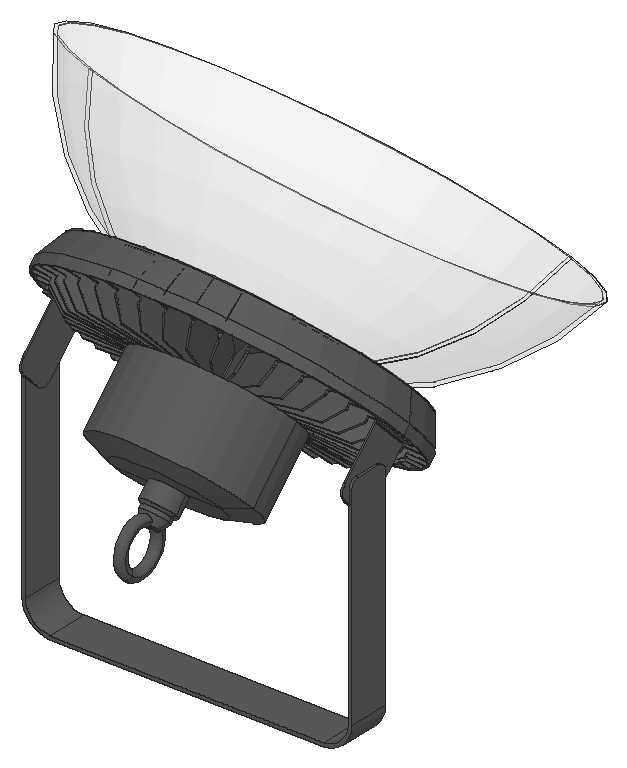
Revit family "0039366+0039354+0039358 Sylvania Lighting Fixture START HighBay IP65 DALI 19000lm 840 WB with BRACKET and PC LAMPSHADE TRANSPARENT 13 19KLM", category Lighting Fixtures, host Face, Revit 2016
Family settings
  Host = Face
  Part Type = Normal
  Round Connector Dimension = Use Diameter
  OmniClass Number = 23.80.70.00
  OmniClass Title = Lighting
  Cut with Voids When Loaded = No
  Light Source = No
  Shared = No
  Room Calculation Point = No
Parameters (values of type "0039366+0039354+0039358  START HighBay IP65 DALI 19000lm 840 WB with BRACKET and PC LAMPSHADE TRANSPARENT 13/19KLM")
  Weight = "3.4 kg"
  Wattage Comments = ""
  WarrantyStartDate [instance] = "n/a"
  WarrantyGuarantorParts = "n/a"
  WarrantyDurationUnit = "n/a"
  WarrantyDurationParts = "n/a"
  WarrantyDescription = "n/a"
  Voltage = 0 V
  URL = "http://www.sylvania-lighting.com"
  TypeName = "START HighBay IP65 DALI 19000lm 840 WB with BRACKET and PC LAMPSHADE TRANSPARENT 13/19KLM"
  TypeHead_FEILO = Start LED Highbay DALI Head : 0039366+0039354+0039358 START HighBay IP65 DALI 19000lm 840 WB with BRACKET and PC LAMPSHADE TRANSPARENT 13/19KLM
  Type Image = <None>
  Type Comments = "n/a"
  TiltAngle_FEILO [instance] = 45.00°
  ThicknessBracketPlate_FEILO = 3 mm
  SizeBracketS_FEILO = no
  SizeBracketM_FEILO = yes
  SerialNumber [instance] = "n/a"
  RadiusBracketTop_FEILO = 7 mm
  RadiusBendOut_FEILO = if(SizeBracketS_FEILO, 18 mm, if(SizeBracketM_FEILO, 24 mm, 28 mm))  # 24 mm
  RadiusBendIn_FEILO = RadiusBendOut_FEILO - ThicknessBracketPlate_FEILO  # 21 mm
  Material_3_FEILO = none
  PowerFactor = 0.95
  PowerConsumption = "150 W"
  NominalLength = 296 mm
  NominalHeight = 172 mm
  NominalDepth = 296 mm
  Name = "START HighBay IP65 DALI 19000lm 840 WB with BRACKET and PC LAMPSHADE TRANSPARENT 13/19KLM"
  ModelReference = Name  # "START HighBay IP65 DALI 19000lm 840 WB with BRACKET and PC LAMPSHADE TRANSPARENT 13/19KLM"
  ModelNumber = "0039366+0039354+0039358"
  Model = Name  # "START HighBay IP65 DALI 19000lm 840 WB with BRACKET and PC LAMPSHADE TRANSPARENT 13/19KLM"
  Material = "aluminium alloy housing, polycarbonate diffuser"
  ManufacturerName = "Feilo Sylvania"
  Manufacturer = "Feilo Sylvania"
  LuminousEfficacy = "130 lm/W"
  LuminaireType = ""
  LightOutputRatio = "n/a"
  LampsType = Lamp  # "LED"
  LampNominalLuminous = "19500 lm"
  LampMacAdamStep = "6"
  LampColourTemperature = "6500 K"
  LampColourRenderingIndex = "80"
  Lamp = "LED"
  Keynote = "16500"
  InstallationDate [instance] = "n/a"
  InputVoltage = "n/a"
  InputNominalFrequency = "50/60 Hz"
  IngressProtection = "IP65"
  ImpactProtectionIndex = "IK08"
  IfcExportType = "IfcLightFixtureType"
  IfcExportAs = "IfcLightFixtureType"
  ExpectedLife = 50000
  EndAngle_FEILO [instance] = TiltAngle_FEILO + 180.00°  # 225.00°
  ElectricShockClassification = "Class I"
  DurationUnit = "hours"
  DocumentationLiterature = "http://www.sylvania-lighting.com/product/en-int/products/0039366"
  DimmingControlOptions = "Dimmable"
  Material_2_FEILO = none
  Description = "START Highbay, includes 1 m cables, black aluminium housing, 19,500 Lm, 150 W, 130 Lm/W, 6500 K, drive current: 3300 mA, CRI 80, 90° beam angle, DALI dimmable, IP65, IK08, 50,000 hrs (L80/B50), (D x H) 296 x 172 mm."
  Default Elevation = 1219.2 mm
  CreatedOn = "5/15/2018"
  CreatedBy = "aron.fodor@sylvania-lighting.com"
  Cost = 0
  built-in parameter 1114216 [instance] = (empty or 0)
  ClassificationValue = "EF_70_80"
  ClassificationName = "Uniclass2015"
  Material_1_FEILO = Body-Sylvania-StartHighbay-Black
  BracketHeight_FEILO = if(SizeBracketS_FEILO, 199.5 mm, if(SizeBracketM_FEILO, 209.6 mm, 201.3 mm))  # 209.6 mm
  BracketDistanceInner_FEILO = if(SizeBracketS_FEILO, 249.4 mm, if(SizeBracketM_FEILO, 273.6 mm, 313.2 mm))  # 273.6 mm
  BarCode [instance] = "n/a"
  AssetType = "Fixed"
  AssetIdentifier [instance] = "n/a"
  Assembly Code = "D5020200"
  Apparent Load = 150 VA
  Material_4_FEILO = none
Reference planes
  plane 1 "Center (Front/Back)": y = 0
  plane 2: z = 0
  plane 3 "Center (Left/Right)": x = 0
  plane 4: x = -139.8
  plane 5: x = 139.8
  plane 6: z = 209.6
  plane 7: x = -136.8
  plane 8: z = 3
  plane 9: x = 136.8
  plane 10: y = 17.5
  plane 11: y = -17.5
  plane 12: y = -19.5
  plane 13: z = 211.6
  plane 14: y = 19.5
  plane 15: z = 200.6
Forms (mm)
  Extrusion 1, solid, material "Body-Sylvania-StartHighbay-Black" <- "Material_1_FEILO"
    sketch origin (0, 0, 0) x (1, 0, 0) y (0, 0, 1)
      loop
        line (-139.8, 209.6) -> (-139.8, 24)
        arc (-139.8, 24) -> (-132.771, 7.029) -> (-115.8, 0) r 24
        line (-115.8, 0) -> (115.8, 0)
        arc (115.8, 0) -> (132.771, 7.029) -> (139.8, 24) r 24
        line (139.8, 24) -> (139.8, 209.6) -> (136.8, 209.6) -> (136.8, 24)
        arc (136.8, 24) -> (130.649, 9.151) -> (115.8, 3) r 21
        line (115.8, 3) -> (-115.8, 3)
        arc (-115.8, 3) -> (-130.649, 9.151) -> (-136.8, 24) r 21
        line (-136.8, 24) -> (-136.8, 209.6) -> (-139.8, 209.6)
    from -17.5 to 17.5
  Extrusion 2, void
    sketch origin (0, 0, 0) x (0, 1, 0) y (0, 0, 1)
      loop
        arc (10.5, 209.6) -> (15.45, 207.55) -> (17.5, 202.6) r 7
        line (17.5, 202.6) -> (19.5, 202.6) -> (19.5, 211.6) -> (-19.5, 211.6) -> (-19.5, 202.6) -> (-17.5, 202.6)
        arc (-17.5, 202.6) -> (-15.45, 207.55) -> (-10.5, 209.6) r 7
        line (-10.5, 209.6) -> (10.5, 209.6)
    from -139.8 to 139.8
  Revolve 3, solid, not visible
    sketch origin (1223.4, -4572, 200.6) x (0, -1, 0) y (1, 0, 0)
      loop
        line (-4572, -1223.4) -> (-4591.5, -1223.4) -> (-4591.5, -1277.783) -> (-4572, -1277.783) -> (-4572, -1223.4)
      axis (-4572, -1223.4) -> (-4572, -1277.783)
    angle from 45 <- "TiltAngle_FEILO" to 225 <- "EndAngle_FEILO"
Cuts and joins
  Extrusion 2 cuts Extrusion 1
Dimensions and locks
  "BracketHeight_FEILO": plane 6 to plane 2
  equal spacing: plane 11, plane 1 "Center (Front/Back)", plane 10
  locked: plane 11 to plane 10 at 35
  equal spacing: plane 9, plane 3 "Center (Left/Right)", plane 7
  "BracketDistanceInner_FEILO": plane 9 to plane 7
  "ThicknessBracketPlate_FEILO": plane 7 to plane 4
  "ThicknessBracketPlate_FEILO": plane 8 to plane 2
  equal spacing: plane 5, plane 3 "Center (Left/Right)", plane 4
  equal spacing: plane 12, plane 1 "Center (Front/Back)", plane 14
  locked: plane 6 to plane 13 at 2
  locked: plane 12 to plane 11 at 2
  locked: plane 6 to plane 15 at 9
  "RadiusBendOut_FEILO": radius of Extrusion 1 sketch curve  (x2)
  "RadiusBendIn_FEILO": radius of Extrusion 1 sketch curve  (x2)
  "RadiusBracketTop_FEILO": radius of Extrusion 2 sketch curve  (x2)
  aligned and locked: plane 2 to host face
  aligned and locked: level to host face
  aligned and locked: Extrusion 1 sketch curve to plane 4
  aligned and locked: Extrusion 1 sketch curve to level
  aligned and locked: plane 6 to Extrusion 1 sketch curve
  aligned and locked: Extrusion 1 sketch curve to plane 6
  aligned and locked: Extrusion 1 sketch curve to plane 7
  aligned and locked: plane 9 to Extrusion 1 sketch curve
  aligned and locked: plane 8 to Extrusion 1 sketch curve
  aligned and locked: Extrusion 1 to plane 10
  aligned and locked: plane 11 to Extrusion 1
  aligned and locked: Extrusion 1 to Extrusion 2 sketch curve
  aligned and locked: plane 14 to Extrusion 2 sketch curve  (x2)
  aligned and locked: Extrusion 2 sketch curve to plane 12
  aligned and locked: plane 13 to Extrusion 2 sketch curve
  aligned and locked: plane 5 to Extrusion 2
  aligned and locked: Extrusion 2 to plane 4
  aligned and locked: Revolve 3 sketch curve to plane 1 "Center (Front/Back)"
  aligned and locked: Revolve 3 sketch curve to Revolve 3 sketch curve
  aligned and locked: plane 3 "Center (Left/Right)" to Revolve 3 sketch curve
  aligned and locked: Revolve 3 sketch curve to plane 14
  aligned and locked: nested 1 to plane 3 "Center (Left/Right)"
Automatic sketch dimensions
  host sketch curve to host sketch curve = 2438.4 mm  (x2)
  Revolve 3 sketch curve to Revolve 3 sketch curve = 54.383 mm
  Revolve 3 sketch curve to plane 4 = 1396.3 mm
  plane 5 to Revolve 3 sketch curve = 1396.3 mm
  Extrusion 1 sketch curve to Extrusion 1 sketch curve = 0 mm
  Extrusion 2 sketch curve to plane 11 = 0 mm
  Extrusion 2 sketch curve to plane 10 = 0 mm
Nested families
  nested 1: "Start LED Highbay DALI Head" at (0, 0, 200.6) x (-1, 0, 0) z (0, 0.7071, 0.7071), type <- "TypeHead_FEILO", type "0039366+0039354+0039358 START HighBay IP65 DALI 19000lm 840 WB with BRACKET and PC LAMPSHADE TRANSPARENT 13/19KLM"
    with built-in parameter 1114216 (empty or 0)
Connectors
  electrical at (0, 0, 0), driven by "Apparent Load", driven by "PowerFactor", driven by "Voltage"
    settings: index 1, voltage 0 V, apparent load 150 VA, apparent load phase1 0 VA, apparent load phase2 0 VA, apparent load phase3 0 VA, power factor 0.95, load classification "Lighting", number of poles 1, system type 30, power factor state 1, is connector primary yes, connector utility no, sub classification motor no, connector description ""
Definition of nested family "Start LED Highbay DALI Head"
  Parameters (values of type "0039367+0039355+0039361 START HighBay IP65 DALI 26000lm 840 WB with BRACKET and PC LAMPSHADE TRANSPARENT FOR 26KLM")
    X_FEILO = if(SizeS_FEILO, 60.3 mm, if(SizeM_FEILO, 70.4 mm, 83.5 mm))  # 83.5 mm
    WidthStraight_FEILO = if(SizeS_FEILO, 3 mm, if(SizeM_FEILO, 4 mm, 4.7 mm))  # 4.7 mm
    WidthRingChamfer_FEILO = if(SizeS_FEILO, 10.3 mm, if(SizeM_FEILO, 11.2 mm, 12.9 mm))  # 12.9 mm
    WidthCurved_FEILO = if(SizeS_FEILO, 17.4 mm, if(SizeM_FEILO, 16.4 mm, 26.2 mm))  # 26.2 mm
    WidthCurvedRing_FEILO = if(SizeS_FEILO, 3 mm, if(SizeM_FEILO, 4 mm, 4.7 mm))  # 4.7 mm
    WidthBracket_FEILO = 40 mm
    Wattage Comments = ""
    Wattage = 190 W
    built-in parameter 1150110 = 1 (stored number, unit not read)
    URL = "http://www.sylvania-lighting.com"
    Type Image = (empty or 0)
    Type Comments = "n/a"
    built-in parameter 1114217 = 1 (stored number, unit not read)
    Tilt Angle = -90.00°
    ThicknessWall_FEILO = 1.5 mm
    ThicknessBracket_FEILO = 1.5 mm
    ThicknessBracketHalf_FEILO = ThicknessBracket_FEILO / 2  # 0.75 mm
    built-in parameter 1150109 = 1 (stored number, unit not read)
    built-in parameter 1150134 = 1
    built-in parameter 1150113 = 1 (stored number, unit not read)
    SizeS_FEILO = no
    SizeM_FEILO = no
    ShadeThickness_FEILO = 3 mm
    ShadeSizeSM_FEILO = or(SizeS_FEILO, SizeM_FEILO)  # no
    ShadeRadiusOut_FEILO = 205 mm
    ShadeRadiusIn_FEILO = if(ShadeSizeSM_FEILO, 95 mm, 121 mm)  # 121 mm
    ShadeRadiusBend_FEILO = if(ShadeSizeSM_FEILO, 210 mm, 210 mm)  # 210 mm
    ShadeOn_FEILO = yes
    ShadeHeight_FEILO = if(ShadeSizeSM_FEILO, 120 mm, 151 mm)  # 151 mm
    Rib4_FEILO = if(SizeS_FEILO, 18.1 mm, if(SizeM_FEILO, 13.6 mm, 14.6 mm))  # 14.6 mm
    Rib3_FEILO = if(SizeS_FEILO, 15.3 mm, if(SizeM_FEILO, 17.6 mm, 20.2 mm))  # 20.2 mm
    Rib2_FEILO = if(SizeS_FEILO, 3.6 mm, if(SizeM_FEILO, 3.9 mm, 4.5 mm))  # 4.5 mm
    Rib1_FEILO = if(SizeS_FEILO, 15.1 mm, if(SizeM_FEILO, 16.5 mm, 19 mm))  # 19 mm
    RadiusDiffuser_FEILO = if(SizeS_FEILO, 95.2 mm, if(SizeM_FEILO, 105.3 mm, 120 mm))  # 120 mm
    RadiusArrayPost_FEILO = DriverRadius_FEILO - 6 mm  # 70.4 mm
    RHRadius3_FEILO = if(SizeS_FEILO, 6.6 mm, if(SizeM_FEILO, 7.4 mm, 8.6 mm))  # 8.6 mm
    RHRadius2_FEILO = if(SizeS_FEILO, 11 mm, if(SizeM_FEILO, 12 mm, 14 mm))  # 14 mm
    RHRadius1_FEILO = if(SizeS_FEILO, 13.6 mm, if(SizeM_FEILO, 14.9 mm, 17.7 mm))  # 17.7 mm
    RHHeight4_FEILO = if(SizeS_FEILO, 7.3 mm, if(SizeM_FEILO, 8 mm, 9.2 mm))  # 9.2 mm
    RHHeight3_FEILO = if(SizeS_FEILO, 3.6 mm, if(SizeM_FEILO, 3.7 mm, 4.6 mm))  # 4.6 mm
    RHHeight2_FEILO = if(SizeS_FEILO, 2 mm, if(SizeM_FEILO, 2.2 mm, 2.6 mm))  # 2.6 mm
    RHHeight1_FEILO = if(SizeS_FEILO, 11.8 mm, if(SizeM_FEILO, 15.3 mm, 17.4 mm))  # 17.4 mm
    Photometric Web File = "0039367+0039361.ies"
    Material_5_FEILO = none
    Material_3_FEILO = none
    Model = "START HighBay IP65 DALI 26000lm 840 WB with BRACKET and PC LAMPSHADE TRANSPARENT FOR 26KLM"
    Manufacturer = "Feilo Sylvania"
    built-in parameter 1150105 = 33385.3 (stored number, unit not read)
    Lumens = 24700 lm
    built-in parameter 1150115 = 1 (stored number, unit not read)
    built-in parameter 1150137 = (empty or 0)
    built-in parameter 1150139 = (empty or 0)
    built-in parameter 1150112 = 1 (stored number, unit not read)
    built-in parameter 1150114 = 1 (stored number, unit not read)
    Lamp = "LED"
    Keynote = "16500"
    built-in parameter 1150132 = (empty or 0)
    built-in parameter 1150102 = (empty or 0)
    built-in parameter 1150107 = 6500 (stored number, unit not read)
    built-in parameter 1150138 = (empty or 0)
    built-in parameter 1150106 = 333.85 (stored number, unit not read)
    HeightRing_FEILO = if(SizeS_FEILO, 19.8 mm, if(SizeM_FEILO, 32 mm, 36.8 mm))  # 36.8 mm
    HeightRingChamfer_FEILO = if(SizeS_FEILO, 11.7 mm, if(SizeM_FEILO, 23.2 mm, 26.6 mm))  # 26.6 mm
    EyeThickness_FEILO = if(SizeS_FEILO, 8.4 mm, if(SizeM_FEILO, 9.2 mm, 10.5 mm))  # 10.5 mm
    EyeThicknessHalf_FEILO = EyeThickness_FEILO / 2  # 5.25 mm
    EyeInner_FEILO = if(SizeS_FEILO, 13.8 mm, if(SizeM_FEILO, 15.1 mm, 17.3 mm))  # 17.3 mm
    Emit from Circle Diameter = RadiusDiffuser_FEILO * 2  # 240 mm
    Emit Shape Visible in Rendering = no
    built-in parameter 1150104 = 12.077 (stored number, unit not read)
    DriverVerticalStraight_FEILO = if(SizeS_FEILO, 46.5 mm, if(SizeM_FEILO, 49.7 mm, 57 mm))  # 57 mm
    DriverVerticalChamfer_FEILO = if(SizeS_FEILO, 7.5 mm, if(SizeM_FEILO, 8.2 mm, 9.5 mm))  # 9.5 mm
    DriverRadius_FEILO = if(SizeS_FEILO, 61.4 mm, if(SizeM_FEILO, 67.2 mm, 76.4 mm))  # 76.4 mm
    DriverRadiusTop_FEILO = if(SizeS_FEILO, 42 mm, if(SizeM_FEILO, 45.3 mm, 52.4 mm))  # 52.4 mm
    DriverBottom_FEILO = if(SizeS_FEILO, 56 mm, if(SizeM_FEILO, 64.5 mm, 74 mm))  # 74 mm
    Material_2_FEILO = none
    Radius_FEILO = if(SizeS_FEILO, 135 mm, if(SizeM_FEILO, 148 mm, 169.5 mm))  # 169.5 mm
    Dimming Lamp Color Temperature Shift = (empty or 0)
    DiameterWire_FEILO = 3 mm
    DiameterWireSupport_FEILO = 10 mm
    Description = "START Highbay, includes 1 m cables, black aluminium housing, 24,700 Lm, 190 W, 130 Lm/W, 6500 K, drive current: 4100 mA, CRI 80, 90° beam angle, DALI dimmable, IP65, IK08, 50,000 hrs (L80/B50), (D x H) 339 x 189 mm."
    Default Elevation = 1219.2 mm
    Cost = 0
    Color Filter = 16777215
    built-in parameter 1114216 [instance] = (empty or 0)
    Material_1_FEILO = none
    built-in parameter 1114218 = 1 (stored number, unit not read)
    built-in parameter 1150133 = 10 (stored number, unit not read)
    Assembly Code = "D5020200"
    Apparent Load = 190 VA
    Material_4_FEILO = none
  Types (24, lengths in mm): name | X_FEILO | WidthStraight_FEILO | WidthRingChamfer_FEILO | WidthCurved_FEILO | WidthCurvedRing_FEILO | Wattage | built-in parameter 1150134 | SizeS_FEILO | SizeM_FEILO | ShadeSizeSM_FEILO | ShadeRadiusIn_FEILO | ShadeOn_FEILO | ShadeHeight_FEILO | Rib4_FEILO | Rib3_FEILO | Rib2_FEILO | Rib1_FEILO | RadiusDiffuser_FEILO | RadiusArrayPost_FEILO | RHRadius3_FEILO | RHRadius2_FEILO | RHRadius1_FEILO | RHHeight4_FEILO | RHHeight3_FEILO | RHHeight2_FEILO | RHHeight1_FEILO | Photometric Web File | Model | built-in parameter 1150105 | Lumens | built-in parameter 1150107 | built-in parameter 1150106 | HeightRing_FEILO | HeightRingChamfer_FEILO | EyeThickness_FEILO | EyeThicknessHalf_FEILO | EyeInner_FEILO | Emit from Circle Diameter | DriverVerticalStraight_FEILO | DriverVerticalChamfer_FEILO | DriverRadius_FEILO | DriverRadiusTop_FEILO | DriverBottom_FEILO | Radius_FEILO | Description | Apparent Load
    0039367+0039355+0039361 START HighBay IP65 DALI 26000lm 840 WB with BRACKET and PC LAMPSHADE TRANSPARENT FOR 26KLM | 83.5 | 4.7 | 12.9 | 26.2 | 4.7 | 190 W | 1 | no | no | no | 121 | yes | 151 | 14.6 | 20.2 | 4.5 | 19 | 120 | 70.4 | 8.6 | 14 | 17.7 | 9.2 | 4.6 | 2.6 | 17.4 | "0039367+0039361.ies" | "START HighBay IP65 DALI 26000lm 840 WB with BRACKET and PC LAMPSHADE TRANSPARENT FOR 26KLM" | 33385.3 (stored number, unit not read) | 24700 lm | 6500 (stored number, unit not read) | 333.85 (stored number, unit not read) | 36.8 | 26.6 | 10.5 | 5.25 | 17.3 | 240 | 57 | 9.5 | 76.4 | 52.4 | 74 | 169.5 | "START Highbay, includes 1 m cables, black aluminium housing, 24,700 Lm, 190 W, 130 Lm/W, 6500 K, drive current: 4100 mA, CRI 80, 90° beam angle, DALI dimmable, IP65, IK08, 50,000 hrs (L80/B50), (D x H) 339 x 189 mm." | 190 VA
    0039367+0039355+0039360 START HighBay IP65 DALI 26000lm 840 WB with BRACKET and ALU SHADE BLACK COLOR FOR 26KLM | 83.5 | 4.7 | 12.9 | 26.2 | 4.7 | 190 W | 1 | no | no | no | 121 | yes | 151 | 14.6 | 20.2 | 4.5 | 19 | 120 | 70.4 | 8.6 | 14 | 17.7 | 9.2 | 4.6 | 2.6 | 17.4 | "0039367+0039360.ies" | "START HighBay IP65 DALI 26000lm 840 WB with BRACKET and ALU SHADE BLACK COLOR FOR 26KLM" | 33569.2 (stored number, unit not read) | 24700 lm | 6500 (stored number, unit not read) | 335.69 (stored number, unit not read) | 36.8 | 26.6 | 10.5 | 5.25 | 17.3 | 240 | 57 | 9.5 | 76.4 | 52.4 | 74 | 169.5 | "START Highbay, includes 1 m cables, black aluminium housing, 24,700 Lm, 190 W, 130 Lm/W, 6500 K, drive current: 4100 mA, CRI 80, 90° beam angle, DALI dimmable, IP65, IK08, 50,000 hrs (L80/B50), (D x H) 339 x 189 mm." | 190 VA
    0039367+0039355+0039359 START HighBay IP65 DALI 26000lm 840 WB with BRACKET and ALU SHADE ALU COLOR FOR 26KLM | 83.5 | 4.7 | 12.9 | 26.2 | 4.7 | 190 W | 1 | no | no | no | 121 | yes | 151 | 14.6 | 20.2 | 4.5 | 19 | 120 | 70.4 | 8.6 | 14 | 17.7 | 9.2 | 4.6 | 2.6 | 17.4 | "0039367+0039359.ies" | "START HighBay IP65 DALI 26000lm 840 WB with BRACKET and ALU SHADE ALU COLOR FOR 26KLM" | 33569.2 (stored number, unit not read) | 24700 lm | 6500 (stored number, unit not read) | 335.69 (stored number, unit not read) | 36.8 | 26.6 | 10.5 | 5.25 | 17.3 | 240 | 57 | 9.5 | 76.4 | 52.4 | 74 | 169.5 | "START Highbay, includes 1 m cables, black aluminium housing, 24,700 Lm, 190 W, 130 Lm/W, 6500 K, drive current: 4100 mA, CRI 80, 90° beam angle, DALI dimmable, IP65, IK08, 50,000 hrs (L80/B50), (D x H) 339 x 189 mm." | 190 VA
    0039367+0039355 START HighBay IP65 DALI 26000lm 840 WB with BRACKET | 83.5 | 4.7 | 12.9 | 26.2 | 4.7 | 190 W | 1 | no | no | no | 121 | no | 151 | 14.6 | 20.2 | 4.5 | 19 | 120 | 70.4 | 8.6 | 14 | 17.7 | 9.2 | 4.6 | 2.6 | 17.4 | "0039367.ies" | "START HighBay IP65 DALI 26000lm 840 WB with BRACKET" | 13532 (stored number, unit not read) | 24700 lm | 6500 (stored number, unit not read) | 135.32 (stored number, unit not read) | 36.8 | 26.6 | 10.5 | 5.25 | 17.3 | 240 | 57 | 9.5 | 76.4 | 52.4 | 74 | 169.5 | "START Highbay, includes 1 m cables, black aluminium housing, 24,700 Lm, 190 W, 130 Lm/W, 6500 K, drive current: 4100 mA, CRI 80, 90° beam angle, DALI dimmable, IP65, IK08, 50,000 hrs (L80/B50), (D x H) 339 x 189 mm." | 190 VA
    0039366+0039354+0039358 START HighBay IP65 DALI 19000lm 840 WB with BRACKET and PC LAMPSHADE TRANSPARENT 13/19KLM | 70.4 | 4 | 11.2 | 16.4 | 4 | 150 W | 1 | no | yes | yes | 95 | yes | 120 | 13.6 | 17.6 | 3.9 | 16.5 | 105.3 | 61.2 | 7.4 | 12 | 14.9 | 8 | 3.7 | 2.2 | 15.3 | "0039366+0039358.ies" | "START HighBay IP65 DALI 19000lm 840 WB with BRACKET and PC LAMPSHADE TRANSPARENT 13/19KLM" | 26356.9 (stored number, unit not read) | 19500 lm | 6500 (stored number, unit not read) | 263.57 (stored number, unit not read) | 32 | 23.2 | 9.2 | 4.6 | 15.1 | 210.6 | 49.7 | 8.2 | 67.2 | 45.3 | 64.5 | 148 | "START Highbay, includes 1 m cables, black aluminium housing, 19,500 Lm, 150 W, 130 Lm/W, 6500 K, drive current: 3300 mA, CRI 80, 90° beam angle, DALI dimmable, IP65, IK08, 50,000 hrs (L80/B50), (D x H) 296 x 172 mm." | 150 VA
    0039366+0039354+0039357 START HighBay IP65 DALI 19000lm 840 WB with BRACKET and ALU SHADE BLACK COLOR FOR 13/19KLM | 70.4 | 4 | 11.2 | 16.4 | 4 | 150 W | 1 | no | yes | yes | 95 | yes | 120 | 13.6 | 17.6 | 3.9 | 16.5 | 105.3 | 61.2 | 7.4 | 12 | 14.9 | 8 | 3.7 | 2.2 | 15.3 | "0039366+0039357.ies" | "START HighBay IP65 DALI 19000lm 840 WB with BRACKET and ALU SHADE BLACK COLOR FOR 13/19KLM" | 26502 (stored number, unit not read) | 19500 lm | 6500 (stored number, unit not read) | 265.02 (stored number, unit not read) | 32 | 23.2 | 9.2 | 4.6 | 15.1 | 210.6 | 49.7 | 8.2 | 67.2 | 45.3 | 64.5 | 148 | "START Highbay, includes 1 m cables, black aluminium housing, 19,500 Lm, 150 W, 130 Lm/W, 6500 K, drive current: 3300 mA, CRI 80, 90° beam angle, DALI dimmable, IP65, IK08, 50,000 hrs (L80/B50), (D x H) 296 x 172 mm." | 150 VA
    0039366+0039354+0039356 START HighBay IP65 DALI 19000lm 840 WB with BRACKET and ALU SHADE ALU COLOR FOR 13/19KLM | 70.4 | 4 | 11.2 | 16.4 | 4 | 150 W | 1 | no | yes | yes | 95 | yes | 120 | 13.6 | 17.6 | 3.9 | 16.5 | 105.3 | 61.2 | 7.4 | 12 | 14.9 | 8 | 3.7 | 2.2 | 15.3 | "0039366+0039356.ies" | "START HighBay IP65 DALI 19000lm 840 WB with BRACKET and ALU SHADE ALU COLOR FOR 13/19KLM" | 26502 (stored number, unit not read) | 19500 lm | 6500 (stored number, unit not read) | 265.02 (stored number, unit not read) | 32 | 23.2 | 9.2 | 4.6 | 15.1 | 210.6 | 49.7 | 8.2 | 67.2 | 45.3 | 64.5 | 148 | "START Highbay, includes 1 m cables, black aluminium housing, 19,500 Lm, 150 W, 130 Lm/W, 6500 K, drive current: 3300 mA, CRI 80, 90° beam angle, DALI dimmable, IP65, IK08, 50,000 hrs (L80/B50), (D x H) 296 x 172 mm." | 150 VA
    0039366+0039354 START HighBay IP65 DALI 19000lm 840 WB with BRACKET | 70.4 | 4 | 11.2 | 16.4 | 4 | 150 W | 1 | no | yes | yes | 95 | no | 120 | 13.6 | 17.6 | 3.9 | 16.5 | 105.3 | 61.2 | 7.4 | 12 | 14.9 | 8 | 3.7 | 2.2 | 15.3 | "0039366.ies" | "START HighBay IP65 DALI 19000lm 840 WB with BRACKET" | 10981.5 (stored number, unit not read) | 19500 lm | 6500 (stored number, unit not read) | 109.82 (stored number, unit not read) | 32 | 23.2 | 9.2 | 4.6 | 15.1 | 210.6 | 49.7 | 8.2 | 67.2 | 45.3 | 64.5 | 148 | "START Highbay, includes 1 m cables, black aluminium housing, 19,500 Lm, 150 W, 130 Lm/W, 6500 K, drive current: 3300 mA, CRI 80, 90° beam angle, DALI dimmable, IP65, IK08, 50,000 hrs (L80/B50), (D x H) 296 x 172 mm." | 150 VA
    0039365+0039353+0039358 START HighBay IP65 DALI 13000lm 840 WB with BRACKET and PC LAMPSHADE TRANSPARENT 13/19KLM | 60.3 | 3 | 10.3 | 17.4 | 3 | 90 W | 1 | yes | no | yes | 95 | yes | 120 | 18.1 | 15.3 | 3.6 | 15.1 | 95.2 | 55.4 | 6.6 | 11 | 13.6 | 7.3 | 3.6 | 2 | 11.8 | "0039365+0039358.ies" | "START HighBay IP65 DALI 13000lm 840 WB with BRACKET and PC LAMPSHADE TRANSPARENT 13/19KLM" | 15814.1 (stored number, unit not read) | 11700 lm | 6500 (stored number, unit not read) | 158.14 (stored number, unit not read) | 19.8 | 11.7 | 8.4 | 4.2 | 13.8 | 190.4 | 46.5 | 7.5 | 61.4 | 42 | 56 | 135 | "START Highbay, includes 1 m cables, black aluminium housing, 11,700 Lm, 90 W, 130 Lm/W, 6500 K, drive current: 2000 mA, CRI 80, 90° beam angle, DALI dimmable, IP65, IK08, 50,000 hrs (L80/B50), (D x H) 270 x 175 mm." | 90 VA
    0039365+0039353+0039357 START HighBay IP65 DALI 13000lm 840 WB with BRACKET and ALU SHADE BLACK COLOR FOR 13/19KLM | 60.3 | 3 | 10.3 | 17.4 | 3 | 90 W | 1 | yes | no | yes | 95 | yes | 120 | 18.1 | 15.3 | 3.6 | 15.1 | 95.2 | 55.4 | 6.6 | 11 | 13.6 | 7.3 | 3.6 | 2 | 11.8 | "0039365+0039357.ies" | "START HighBay IP65 DALI 13000lm 840 WB with BRACKET and ALU SHADE BLACK COLOR FOR 13/19KLM" | 15901.2 (stored number, unit not read) | 11700 lm | 6500 (stored number, unit not read) | 159.01 (stored number, unit not read) | 19.8 | 11.7 | 8.4 | 4.2 | 13.8 | 190.4 | 46.5 | 7.5 | 61.4 | 42 | 56 | 135 | "START Highbay, includes 1 m cables, black aluminium housing, 11,700 Lm, 90 W, 130 Lm/W, 6500 K, drive current: 2000 mA, CRI 80, 90° beam angle, DALI dimmable, IP65, IK08, 50,000 hrs (L80/B50), (D x H) 270 x 175 mm." | 90 VA
    0039365+0039353+0039356 START HighBay IP65 DALI 13000lm 840 WB with BRACKET and ALU SHADE ALU COLOR FOR 13/19KLM | 60.3 | 3 | 10.3 | 17.4 | 3 | 90 W | 1 | yes | no | yes | 95 | yes | 120 | 18.1 | 15.3 | 3.6 | 15.1 | 95.2 | 55.4 | 6.6 | 11 | 13.6 | 7.3 | 3.6 | 2 | 11.8 | "0039365+0039356.ies" | "START HighBay IP65 DALI 13000lm 840 WB with BRACKET and ALU SHADE ALU COLOR FOR 13/19KLM" | 15901.2 (stored number, unit not read) | 11700 lm | 6500 (stored number, unit not read) | 159.01 (stored number, unit not read) | 19.8 | 11.7 | 8.4 | 4.2 | 13.8 | 190.4 | 46.5 | 7.5 | 61.4 | 42 | 56 | 135 | "START Highbay, includes 1 m cables, black aluminium housing, 11,700 Lm, 90 W, 130 Lm/W, 6500 K, drive current: 2000 mA, CRI 80, 90° beam angle, DALI dimmable, IP65, IK08, 50,000 hrs (L80/B50), (D x H) 270 x 175 mm." | 90 VA
    0039365+0039353 START HighBay IP65 DALI 13000lm 840 WB with BRACKET | 60.3 | 3 | 10.3 | 17.4 | 3 | 90 W | 1 | yes | no | yes | 95 | no | 120 | 18.1 | 15.3 | 3.6 | 15.1 | 95.2 | 55.4 | 6.6 | 11 | 13.6 | 7.3 | 3.6 | 2 | 11.8 | "0039365.ies" | "START HighBay IP65 DALI 13000lm 840 WB with BRACKET" | 6365.5 (stored number, unit not read) | 11700 lm | 6500 (stored number, unit not read) | 63.655 (stored number, unit not read) | 19.8 | 11.7 | 8.4 | 4.2 | 13.8 | 190.4 | 46.5 | 7.5 | 61.4 | 42 | 56 | 135 | "START Highbay, includes 1 m cables, black aluminium housing, 11,700 Lm, 90 W, 130 Lm/W, 6500 K, drive current: 2000 mA, CRI 80, 90° beam angle, DALI dimmable, IP65, IK08, 50,000 hrs (L80/B50), (D x H) 270 x 175 mm." | 90 VA
    0039364+0039355+0039361 START HighBay IP65 DALI 26000lm 840 MB with BRACKET and PC LAMPSHADE TRANSPARENT FOR 26KLM | 83.5 | 4.7 | 12.9 | 26.2 | 4.7 | 190 W | 12 | no | no | no | 121 | yes | 151 | 14.6 | 20.2 | 4.5 | 19 | 120 | 70.4 | 8.6 | 14 | 17.7 | 9.2 | 4.6 | 2.6 | 17.4 | "0039364+0039361.ies" | "START HighBay IP65 DALI 26000lm 840 MB with BRACKET and PC LAMPSHADE TRANSPARENT FOR 26KLM" | 33385.3 (stored number, unit not read) | 24700 lm | 4000 (stored number, unit not read) | 333.85 (stored number, unit not read) | 36.8 | 26.6 | 10.5 | 5.25 | 17.3 | 240 | 57 | 9.5 | 76.4 | 52.4 | 74 | 169.5 | "START Highbay, includes 1 m cables, black aluminium housing, 24,700 Lm, 190 W, 130 Lm/W, 4000 K, drive current: 4100 mA, CRI 80, 60° beam angle, DALI dimmable, IP65, IK08, 50,000 hrs (L80/B50), (D x H) 339 x 189 mm." | 190 VA
    0039364+0039355+0039360 START HighBay IP65 DALI 26000lm 840 MB with BRACKET and ALU SHADE BLACK COLOR FOR 26KLM | 83.5 | 4.7 | 12.9 | 26.2 | 4.7 | 190 W | 12 | no | no | no | 121 | yes | 151 | 14.6 | 20.2 | 4.5 | 19 | 120 | 70.4 | 8.6 | 14 | 17.7 | 9.2 | 4.6 | 2.6 | 17.4 | "0039364+0039360.ies" | "START HighBay IP65 DALI 26000lm 840 MB with BRACKET and ALU SHADE BLACK COLOR FOR 26KLM" | 33569.2 (stored number, unit not read) | 24700 lm | 4000 (stored number, unit not read) | 335.69 (stored number, unit not read) | 36.8 | 26.6 | 10.5 | 5.25 | 17.3 | 240 | 57 | 9.5 | 76.4 | 52.4 | 74 | 169.5 | "START Highbay, includes 1 m cables, black aluminium housing, 24,700 Lm, 190 W, 130 Lm/W, 4000 K, drive current: 4100 mA, CRI 80, 60° beam angle, DALI dimmable, IP65, IK08, 50,000 hrs (L80/B50), (D x H) 339 x 189 mm." | 190 VA
    0039364+0039355+0039359 START HighBay IP65 DALI 26000lm 840 MB with BRACKET and ALU SHADE ALU COLOR FOR 26KLM | 83.5 | 4.7 | 12.9 | 26.2 | 4.7 | 190 W | 12 | no | no | no | 121 | yes | 151 | 14.6 | 20.2 | 4.5 | 19 | 120 | 70.4 | 8.6 | 14 | 17.7 | 9.2 | 4.6 | 2.6 | 17.4 | "0039364+0039359.ies" | "START HighBay IP65 DALI 26000lm 840 MB with BRACKET and ALU SHADE ALU COLOR FOR 26KLM" | 33569.2 (stored number, unit not read) | 24700 lm | 4000 (stored number, unit not read) | 335.69 (stored number, unit not read) | 36.8 | 26.6 | 10.5 | 5.25 | 17.3 | 240 | 57 | 9.5 | 76.4 | 52.4 | 74 | 169.5 | "START Highbay, includes 1 m cables, black aluminium housing, 24,700 Lm, 190 W, 130 Lm/W, 4000 K, drive current: 4100 mA, CRI 80, 60° beam angle, DALI dimmable, IP65, IK08, 50,000 hrs (L80/B50), (D x H) 339 x 189 mm." | 190 VA
    0039364+0039355 START HighBay IP65 DALI 26000lm 840 MB with BRACKET | 83.5 | 4.7 | 12.9 | 26.2 | 4.7 | 190 W | 12 | no | no | no | 121 | no | 151 | 14.6 | 20.2 | 4.5 | 19 | 120 | 70.4 | 8.6 | 14 | 17.7 | 9.2 | 4.6 | 2.6 | 17.4 | "0039364.ies" | "START HighBay IP65 DALI 26000lm 840 MB with BRACKET" | 26901.8 (stored number, unit not read) | 24700 lm | 4000 (stored number, unit not read) | 269.02 (stored number, unit not read) | 36.8 | 26.6 | 10.5 | 5.25 | 17.3 | 240 | 57 | 9.5 | 76.4 | 52.4 | 74 | 169.5 | "START Highbay, includes 1 m cables, black aluminium housing, 24,700 Lm, 190 W, 130 Lm/W, 4000 K, drive current: 4100 mA, CRI 80, 60° beam angle, DALI dimmable, IP65, IK08, 50,000 hrs (L80/B50), (D x H) 339 x 189 mm." | 190 VA
    0039363+0039354+0039358 START HighBay IP65 DALI 19000lm 840 MB with BRACKET and PC LAMPSHADE TRANSPARENT 13/19KLM | 70.4 | 4 | 11.2 | 16.4 | 4 | 150 W | 12 | no | yes | yes | 95 | yes | 120 | 13.6 | 17.6 | 3.9 | 16.5 | 105.3 | 61.2 | 7.4 | 12 | 14.9 | 8 | 3.7 | 2.2 | 15.3 | "0039363+0039358.ies" | "START HighBay IP65 DALI 19000lm 840 MB with BRACKET and PC LAMPSHADE TRANSPARENT 13/19KLM" | 26356.9 (stored number, unit not read) | 19500 lm | 4000 (stored number, unit not read) | 263.57 (stored number, unit not read) | 32 | 23.2 | 9.2 | 4.6 | 15.1 | 210.6 | 49.7 | 8.2 | 67.2 | 45.3 | 64.5 | 148 | "START Highbay, includes 1 m cables, black aluminium housing, 19,500 Lm, 150 W, 130 Lm/W, 4000 K, drive current: 3300 mA, CRI 80, 60° beam angle, DALI dimmable, IP65, IK08, 50,000 hrs (L80/B50), (D x H) 296 x 172 mm." | 150 VA
    0039363+0039354+0039357 START HighBay IP65 DALI 19000lm 840 MB with BRACKET and ALU SHADE BLACK COLOR FOR 13/19KLM | 70.4 | 4 | 11.2 | 16.4 | 4 | 150 W | 12 | no | yes | yes | 95 | yes | 120 | 13.6 | 17.6 | 3.9 | 16.5 | 105.3 | 61.2 | 7.4 | 12 | 14.9 | 8 | 3.7 | 2.2 | 15.3 | "0039363+0039357.ies" | "START HighBay IP65 DALI 19000lm 840 MB with BRACKET and ALU SHADE BLACK COLOR FOR 13/19KLM" | 26502 (stored number, unit not read) | 19500 lm | 4000 (stored number, unit not read) | 265.02 (stored number, unit not read) | 32 | 23.2 | 9.2 | 4.6 | 15.1 | 210.6 | 49.7 | 8.2 | 67.2 | 45.3 | 64.5 | 148 | "START Highbay, includes 1 m cables, black aluminium housing, 19,500 Lm, 150 W, 130 Lm/W, 4000 K, drive current: 3300 mA, CRI 80, 60° beam angle, DALI dimmable, IP65, IK08, 50,000 hrs (L80/B50), (D x H) 296 x 172 mm." | 150 VA
    0039363+0039354+0039356 START HighBay IP65 DALI 19000lm 840 MB with BRACKET and ALU SHADE ALU COLOR FOR 13/19KLM | 70.4 | 4 | 11.2 | 16.4 | 4 | 150 W | 12 | no | yes | yes | 95 | yes | 120 | 13.6 | 17.6 | 3.9 | 16.5 | 105.3 | 61.2 | 7.4 | 12 | 14.9 | 8 | 3.7 | 2.2 | 15.3 | "0039363+0039356.ies" | "START HighBay IP65 DALI 19000lm 840 MB with BRACKET and ALU SHADE ALU COLOR FOR 13/19KLM" | 26502 (stored number, unit not read) | 19500 lm | 4000 (stored number, unit not read) | 265.02 (stored number, unit not read) | 32 | 23.2 | 9.2 | 4.6 | 15.1 | 210.6 | 49.7 | 8.2 | 67.2 | 45.3 | 64.5 | 148 | "START Highbay, includes 1 m cables, black aluminium housing, 19,500 Lm, 150 W, 130 Lm/W, 4000 K, drive current: 3300 mA, CRI 80, 60° beam angle, DALI dimmable, IP65, IK08, 50,000 hrs (L80/B50), (D x H) 296 x 172 mm." | 150 VA
    0039363+0039354 START HighBay IP65 DALI 19000lm 840 MB with BRACKET | 70.4 | 4 | 11.2 | 16.4 | 4 | 150 W | 12 | no | yes | yes | 95 | no | 120 | 13.6 | 17.6 | 3.9 | 16.5 | 105.3 | 61.2 | 7.4 | 12 | 14.9 | 8 | 3.7 | 2.2 | 15.3 | "0039363.ies" | "START HighBay IP65 DALI 19000lm 840 MB with BRACKET" | 22125.4 (stored number, unit not read) | 19500 lm | 4000 (stored number, unit not read) | 221.25 (stored number, unit not read) | 32 | 23.2 | 9.2 | 4.6 | 15.1 | 210.6 | 49.7 | 8.2 | 67.2 | 45.3 | 64.5 | 148 | "START Highbay, includes 1 m cables, black aluminium housing, 19,500 Lm, 150 W, 130 Lm/W, 4000 K, drive current: 3300 mA, CRI 80, 60° beam angle, DALI dimmable, IP65, IK08, 50,000 hrs (L80/B50), (D x H) 296 x 172 mm." | 150 VA
    0039362+0039353+0039358 START HighBay IP65 DALI 13000lm 840 MB with BRACKET and PC LAMPSHADE TRANSPARENT 13/19KLM | 60.3 | 3 | 10.3 | 17.4 | 3 | 90 W | 12 | yes | no | yes | 95 | yes | 120 | 18.1 | 15.3 | 3.6 | 15.1 | 95.2 | 55.4 | 6.6 | 11 | 13.6 | 7.3 | 3.6 | 2 | 11.8 | "0039362+0039358.ies" | "START HighBay IP65 DALI 13000lm 840 MB with BRACKET and PC LAMPSHADE TRANSPARENT 13/19KLM" | 15814.1 (stored number, unit not read) | 11700 lm | 4000 (stored number, unit not read) | 158.14 (stored number, unit not read) | 19.8 | 11.7 | 8.4 | 4.2 | 13.8 | 190.4 | 46.5 | 7.5 | 61.4 | 42 | 56 | 135 | "START Highbay, includes 1 m cables, black aluminium housing, 11,700 Lm, 90 W, 130 Lm/W, 4000 K, drive current: 2000 mA, CRI 80, 60° beam angle, DALI dimmable, IP65, IK08, 50,000 hrs (L80/B50), (D x H) 270 x 175 mm." | 90 VA
    0039362+0039353+0039357 START HighBay IP65 DALI 13000lm 840 MB with BRACKET and ALU SHADE BLACK COLOR FOR 13/19KLM | 60.3 | 3 | 10.3 | 17.4 | 3 | 90 W | 12 | yes | no | yes | 95 | yes | 120 | 18.1 | 15.3 | 3.6 | 15.1 | 95.2 | 55.4 | 6.6 | 11 | 13.6 | 7.3 | 3.6 | 2 | 11.8 | "0039362+0039357.ies" | "START HighBay IP65 DALI 13000lm 840 MB with BRACKET and ALU SHADE BLACK COLOR FOR 13/19KLM" | 15901.2 (stored number, unit not read) | 11700 lm | 4000 (stored number, unit not read) | 159.01 (stored number, unit not read) | 19.8 | 11.7 | 8.4 | 4.2 | 13.8 | 190.4 | 46.5 | 7.5 | 61.4 | 42 | 56 | 135 | "START Highbay, includes 1 m cables, black aluminium housing, 11,700 Lm, 90 W, 130 Lm/W, 4000 K, drive current: 2000 mA, CRI 80, 60° beam angle, DALI dimmable, IP65, IK08, 50,000 hrs (L80/B50), (D x H) 270 x 175 mm." | 90 VA
    0039362+0039353+0039356 START HighBay IP65 DALI 13000lm 840 MB with BRACKET and ALU SHADE ALU COLOR FOR 13/19KLM | 60.3 | 3 | 10.3 | 17.4 | 3 | 90 W | 12 | yes | no | yes | 95 | yes | 120 | 18.1 | 15.3 | 3.6 | 15.1 | 95.2 | 55.4 | 6.6 | 11 | 13.6 | 7.3 | 3.6 | 2 | 11.8 | "0039362+0039356.ies" | "START HighBay IP65 DALI 13000lm 840 MB with BRACKET and ALU SHADE ALU COLOR FOR 13/19KLM" | 15901.2 (stored number, unit not read) | 11700 lm | 4000 (stored number, unit not read) | 159.01 (stored number, unit not read) | 19.8 | 11.7 | 8.4 | 4.2 | 13.8 | 190.4 | 46.5 | 7.5 | 61.4 | 42 | 56 | 135 | "START Highbay, includes 1 m cables, black aluminium housing, 11,700 Lm, 90 W, 130 Lm/W, 4000 K, drive current: 2000 mA, CRI 80, 60° beam angle, DALI dimmable, IP65, IK08, 50,000 hrs (L80/B50), (D x H) 270 x 175 mm." | 90 VA
    0039362+0039353 START HighBay IP65 DALI 13000lm 840 MB with BRACKET | 60.3 | 3 | 10.3 | 17.4 | 3 | 90 W | 12 | yes | no | yes | 95 | no | 120 | 18.1 | 15.3 | 3.6 | 15.1 | 95.2 | 55.4 | 6.6 | 11 | 13.6 | 7.3 | 3.6 | 2 | 11.8 | "0039362.ies" | "START HighBay IP65 DALI 13000lm 840 MB with BRACKET" | 13336.9 (stored number, unit not read) | 11700 lm | 4000 (stored number, unit not read) | 133.37 (stored number, unit not read) | 19.8 | 11.7 | 8.4 | 4.2 | 13.8 | 190.4 | 46.5 | 7.5 | 61.4 | 42 | 56 | 135 | "START Highbay, includes 1 m cables, black aluminium housing, 11,700 Lm, 90 W, 130 Lm/W, 4000 K, drive current: 2000 mA, CRI 80, 60° beam angle, DALI dimmable, IP65, IK08, 50,000 hrs (L80/B50), (D x H) 270 x 175 mm." | 90 VA
  Reference planes
    plane 1 "Center (Front/Back)": y = 0
    plane 2: z = 0
    plane 3 "Center (Left/Right)": x = 0
    plane 4: z = 83.5
    plane 5: x = -169.5
    plane 6: x = -156.6
    plane 7: z = 56.9
    plane 8: z = 46.7
    plane 9: x = -151.9
    plane 10: z = 80.875
    plane 11: x = -125.7
    plane 12: x = -120
    plane 13: x = -147.2
    plane 14: z = 81.875
    plane 15: z = 79.875
    plane 16: x = -117
    plane 17: z = 78.875
    plane 18: x = -168
    plane 19: x = -150.5
    plane 20: z = 42.2
    plane 21: x = -130.3
    plane 22: z = 27.6
    plane 23: x = -20
    plane 24: z = 9.5
    plane 25: x = -76.4
    plane 26: z = -47.5
    plane 27: x = -52.4
    plane 28: z = -57
    plane 29: x = -17.7
    plane 30: z = -74.4
    plane 31: z = -77
    plane 32: x = -14
    plane 33: z = -81.6
    plane 34: z = -90.8
    plane 35: x = -8.6
    plane 36: z = -108.1
    plane 37: z = -125.4
    plane 38: x = 5.25
    plane 39: x = -5.25
    plane 40: z = -135.9
    plane 41: z = -130.65
    plane 42: x = -162.3
    plane 43: x = -167
    plane 44: z = 45.2
    plane 45: x = -155.1
    plane 46: z = -19
    plane 47: y = -20
    plane 48: y = 20
    plane 49: x = 169.5
    plane 50: x = 156.6
    plane 51: x = 168
    plane 52: x = 162.3
    plane 53: x = 167
    plane 54: x = 155.1
    plane 55: x = -205
    plane 56: z = 234.5
    plane 57: x = -121
    plane 58: x = -113
    plane 59: x = -202
    plane 60: z = 86.5
  Forms (mm)
    Extrusion 1, solid
      sketch origin (4.2, 0, 0) x (1, 0, 0) y (0, 1, 0)
        loop
          line (-1219.2, 1219.2) -> (-1219.2, -1219.2) -> (1219.2, -1219.2) -> (1219.2, 1219.2) -> (-1219.2, 1219.2)
      from 0 to -68.017
    Revolve 2, solid, material <- "Material_1_FEILO", detail levels medium+fine
      sketch origin (0, 0, 0) x (1, 0, 0) y (0, 0, 1)
        loop
          line (-169.5, 46.7) -> (-168, 46.7) -> (-168, 56.555) -> (-156.206, 80.875) -> (-147.2, 80.875) -> (-147.2, 82.637)
          arc (-147.2, 82.637) -> (-149.554, 83.047) -> (-151.9, 83.5) r 132.063
          line (-151.9, 83.5) -> (-156.141, 83.5)
          arc (-156.141, 83.5) -> (-156.63, 83.326) -> (-156.899, 82.883) r 0.774
          line (-156.899, 82.883) -> (-169.5, 56.9) -> (-169.5, 46.7)
        axis (0, 83.5) -> (0, 46.7)
      angle from 360 to 0
    Revolve 3, solid, material <- "Material_1_FEILO", detail levels medium+fine
      sketch origin (0, 0, 0) x (1, 0, 0) y (0, 0, 1)
        loop
          line (-125.7, 78.875) -> (-120, 78.875) -> (-120, 56.9) -> (0, 56.9) -> (0, 78.875) -> (-117, 78.875) -> (-117, 79.875) -> (-120, 79.875) -> (-120, 80.875) -> (-125.7, 80.875) -> (-125.7, 78.875)
        axis (0, 80.875) -> (0, 56.9)
      angle from 360 to 0
    Revolve 4, solid, material <- "Material_2_FEILO", detail levels medium+fine
      sketch origin (0, 0, 0) x (1, 0, 0) y (0, 0, 1)
        loop
          line (-120, 79.875) -> (0, 79.875) -> (0, 81.875) -> (-120, 81.875) -> (-120, 79.875)
        axis (0, 81.875) -> (0, 79.875)
      angle from 360 to 0
    Revolve 5, solid, material <- "Material_1_FEILO"
      sketch origin (0, 0, 0) x (1, 0, 0) y (0, 0, 1)
        loop
          line (-76.4, 27.6) -> (-76.4, -47.5) -> (-52.4, -57) -> (-17.7, -57) -> (-17.7, -74.4) -> (-14, -77) -> (-14, -81.6) -> (-9.037, -90.074)
          arc (-9.037, -90.074) -> (-8.49, -90.606) -> (-7.753, -90.8) r 1.5
          line (-7.753, -90.8) -> (0, -90.8) -> (0, 27.6) -> (-76.4, 27.6)
        axis (0, 27.6) -> (0, -90.8)
      angle from 360 to 0
    Revolve 6, solid, material <- "Material_1_FEILO"
      sketch origin (0, 0, 0) x (1, 0, 0) y (0, 0, 1)
        loop
          circle (0, -130.65) r 5.25
        axis (5.25, -108.1) -> (-5.25, -108.1)
      angle from 360 to 0
    Extrusion 7, solid, material <- "Material_1_FEILO"
      sketch origin (0, 0, 0) x (1, 0, 0) y (0, 0, 1)
        loop
          line (-167, 46.7) -> (-167, 45.2) -> (-157.35, 45.2)
          arc (-157.35, 45.2) -> (-156.82, 44.98) -> (-156.6, 44.45) r 0.75
          line (-156.6, 44.45) -> (-156.6, -19) -> (-155.1, -19) -> (-155.1, 45.2)
          arc (-155.1, 45.2) -> (-155.539, 46.261) -> (-156.6, 46.7) r 1.5
          line (-156.6, 46.7) -> (-167, 46.7)
        loop
          line (167, 46.7) -> (156.6, 46.7)
          arc (156.6, 46.7) -> (155.539, 46.261) -> (155.1, 45.2) r 1.5
          line (155.1, 45.2) -> (155.1, -19) -> (156.6, -19) -> (156.6, 44.45)
          arc (156.6, 44.45) -> (156.82, 44.98) -> (157.35, 45.2) r 0.75
          line (157.35, 45.2) -> (167, 45.2) -> (167, 46.7)
      from -20 to 20
    Extrusion 8, void
      sketch origin (0, 0, 0) x (0, 1, 0) y (0, 0, 1)
        loop
          arc (-10, -19) -> (-17.071, -16.071) -> (-20, -9) r 10
          line (-20, -9) -> (-25, -9) -> (-25, -24) -> (-10, -24) -> (-10, -19)
        loop
          line (10, -19) -> (10, -24) -> (25, -24) -> (25, -9) -> (20, -9)
          arc (20, -9) -> (17.071, -16.071) -> (10, -19) r 10
      from -156.6 to 156.6
    Revolve 9, solid, material <- "Material_1_FEILO", detail levels coarse
      sketch origin (0, 0, 0) x (1, 0, 0) y (0, 0, 1)
        loop
          line (0, 83.5) -> (-156.6, 83.5) -> (-169.5, 56.9) -> (-169.5, 46.7) -> (-150.5, 46.7) -> (-150.5, 42.2) -> (-130.3, 27.6) -> (0, 27.6) -> (0, 83.5)
        axis (0, 83.5) -> (0, 27.6)
      angle from 360 to 0
    Revolve 10, solid, material <- "Material_4_FEILO", visible <- "ShadeOn_FEILO"
      sketch origin (0, 0, 0) x (1, 0, 0) y (0, 0, 1)
        loop
          line (-121, 83.5) -> (-113, 83.5) -> (-113, 86.5) -> (-120.341, 86.5)
          arc (-120.341, 86.5) -> (-177.055, 151.769) -> (-202.193, 234.5) r 207.203
          line (-202.193, 234.5) -> (-205, 234.5)
          arc (-205, 234.5) -> (-179.25, 149.96) -> (-121, 83.5) r 210
        axis (0, 234.5) -> (0, 83.5)
      angle from 360 to 0
  Cuts and joins
    Extrusion 8 cuts Extrusion 7
  Lines and regions (mm)
    reference lines
      curve 1: line (-169.5, 0, 56.9) -> (-156.6, 0, 83.5)
      curve 2: line (-125.7, 0, 80.875) -> (0, 0, 80.875)
      curve 3: arc (-125.7, 0, 80.875) -> (-138.866, 0, 81.533) -> (-151.9, 0, 83.5) r 132.063
      curve 4: line (-156.6, 0, 83.5) -> (-151.9, 0, 83.5)
      curve 5: line (-156.206, 0, 80.875) -> (-168, 0, 56.555)
      curve 6: line (-150.5, 0, 42.2) -> (-130.3, 0, 27.6)
      curve 7: line (-14, 0, -81.6) -> (-8.6, 0, -90.8)
      curve 8: circle (0, 0, -130.65) r 5.25 normal (0, -1, 0)
      curve 9: arc (-121, 0, 83.5) -> (-179.25, 0, 149.96) -> (-205, 0, 234.5) r 210
  Dimensions and locks
    "Radius_FEILO": plane 3 "Center (Left/Right)" to plane 5
    "WidthRingChamfer_FEILO": plane 6 to plane 5
    "WidthStraight_FEILO": plane 9 to plane 6
    "WidthCurvedRing_FEILO": plane 13 to plane 9
    locked: plane 10 to plane 15 at 1
    locked: plane 14 to plane 10 at 1
    locked: plane 4 to plane 10 at 2.625
    locked: plane 15 to plane 17 at 1
    "ThicknessWall_FEILO": plane 18 to plane 5
    "ThicknessWall_FEILO": curve 5 to curve 1
    "HeightRingChamfer_FEILO": plane 4 to plane 7
    "HeightRing_FEILO": plane 4 to plane 8
    "RadiusDiffuser_FEILO": plane 3 "Center (Left/Right)" to plane 12
    locked: plane 16 to plane 12 at 3
    "WidthCurved_FEILO": plane 11 to plane 9
    "X_FEILO": plane 4 to plane 2
    "Rib1_FEILO": plane 19 to plane 5
    "Rib2_FEILO": plane 8 to plane 20
    "Rib3_FEILO": plane 21 to plane 19
    "Rib4_FEILO": plane 20 to plane 22
    locked: plane 3 "Center (Left/Right)" to plane 23 at 20
    "DriverBottom_FEILO": plane 4 to plane 24
    "DriverRadius_FEILO": plane 3 "Center (Left/Right)" to plane 25
    "DriverVerticalStraight_FEILO": plane 24 to plane 26
    "DriverRadiusTop_FEILO": plane 3 "Center (Left/Right)" to plane 27
    "DriverVerticalChamfer_FEILO": plane 26 to plane 28
    "RHRadius1_FEILO": plane 3 "Center (Left/Right)" to plane 29
    "RHHeight2_FEILO": plane 30 to plane 31
    "RHRadius2_FEILO": plane 3 "Center (Left/Right)" to plane 32
    "RHHeight3_FEILO": plane 31 to plane 33
    "RHHeight4_FEILO": plane 33 to plane 34
    "RHRadius3_FEILO": plane 3 "Center (Left/Right)" to plane 35
    "RHHeight1_FEILO": plane 28 to plane 30
    "EyeInner_FEILO": plane 34 to plane 36
    "EyeInner_FEILO": plane 36 to plane 37
    equal spacing: plane 38, plane 3 "Center (Left/Right)", plane 39
    "EyeThickness_FEILO": plane 38 to plane 39
    "EyeThickness_FEILO": plane 37 to plane 40
    equal spacing: plane 37, plane 41, plane 40
    equal spacing: plane 6, plane 42, plane 18
    "ThicknessBracket_FEILO": plane 45 to plane 6
    "ThicknessBracket_FEILO": plane 8 to plane 44
    locked: plane 43 to plane 18 at 1
    equal spacing: plane 24, plane 46, plane 26
    equal spacing: plane 47, plane 1 "Center (Front/Back)", plane 48
    "WidthBracket_FEILO": plane 47 to plane 48
    "WidthRingChamfer_FEILO": plane 50 to plane 49
    "ThicknessWall_FEILO": plane 51 to plane 49
    equal spacing: plane 50, plane 52, plane 51
    "ThicknessBracket_FEILO": plane 54 to plane 50
    locked: plane 53 to plane 51 at 1
    "Radius_FEILO": plane 49 to plane 3 "Center (Left/Right)"
    "ShadeRadiusOut_FEILO": plane 3 "Center (Left/Right)" to plane 55
    "ShadeHeight_FEILO": plane 56 to plane 4
    "ShadeRadiusIn_FEILO": plane 3 "Center (Left/Right)" to plane 57
    locked: plane 58 to plane 57 at 8
    "ShadeThickness_FEILO": plane 60 to plane 4
    "ShadeThickness_FEILO": plane 59 to plane 55
    "EyeThicknessHalf_FEILO": radius of curve 8
    "ThicknessBracket_FEILO": radius of Extrusion 7 sketch curve  (x2)
    "ThicknessBracketHalf_FEILO": radius of Extrusion 7 sketch curve  (x2)
    "ShadeRadiusBend_FEILO": radius of curve 9
    aligned and locked: plane 2 to Extrusion 1
    aligned and locked: level to Extrusion 1
    aligned and locked: plane 5 to curve 1
    aligned and locked: plane 6 to curve 1
    aligned and locked: plane 7 to curve 1
    aligned and locked: plane 10 to curve 2
    aligned and locked: plane 9 to curve 3
    aligned and locked: plane 4 to curve 3
    aligned and locked: plane 11 to curve 3
    aligned and locked: plane 4 to curve 4
    aligned and locked: plane 18 to curve 5
    aligned and locked: plane 10 to curve 5
    aligned and locked: Revolve 2 sketch curve to plane 3 "Center (Left/Right)"
    aligned and locked: Revolve 2 sketch curve to curve 3
    aligned and locked: Revolve 2 sketch curve to curve 1
    aligned and locked: plane 4 to Revolve 2 sketch curve
    aligned and locked: plane 9 to Revolve 2 sketch curve
    aligned and locked: Revolve 2 sketch curve to plane 13
    aligned and locked: Revolve 2 sketch curve to plane 10
    aligned and locked: plane 13 to Revolve 2 sketch curve
    aligned and locked: plane 10 to Revolve 2 sketch curve
    aligned and locked: Revolve 2 sketch curve to plane 18
    aligned and locked: Revolve 2 sketch curve to plane 8
    aligned and locked: plane 5 to Revolve 2 sketch curve  (x2)
    aligned and locked: Revolve 3 sketch curve to plane 3 "Center (Left/Right)"
    aligned and locked: plane 11 to Revolve 3 sketch curve
    aligned and locked: Revolve 3 sketch curve to curve 2
    aligned and locked: plane 15 to Revolve 3 sketch curve
    aligned and locked: Revolve 3 sketch curve to plane 16
    aligned and locked: plane 17 to Revolve 3 sketch curve  (x2)
    aligned and locked: Revolve 3 sketch curve to plane 12
    aligned and locked: plane 7 to Revolve 3 sketch curve
    aligned and locked: Revolve 4 sketch curve to plane 3 "Center (Left/Right)"
    aligned and locked: Revolve 4 sketch curve to plane 14
    aligned and locked: plane 3 "Center (Left/Right)" to Revolve 4 sketch curve
    aligned and locked: Revolve 4 sketch curve to plane 12
    aligned and locked: plane 15 to Revolve 4 sketch curve
    aligned and locked: Revolve 2 sketch curve to curve 5
    aligned and locked: plane 22 to curve 6
    aligned and locked: plane 21 to curve 6
    aligned and locked: plane 20 to curve 6
    aligned and locked: plane 19 to curve 6
    aligned and locked: plane 33 to curve 7
    aligned and locked: plane 32 to curve 7
    aligned and locked: plane 35 to curve 7
    aligned and locked: plane 34 to curve 7
    aligned and locked: Revolve 5 sketch curve to plane 3 "Center (Left/Right)"
    aligned and locked: Revolve 5 sketch curve to plane 25
    aligned and locked: plane 27 to Revolve 5 sketch curve
    aligned and locked: plane 28 to Revolve 5 sketch curve
    aligned and locked: plane 30 to Revolve 5 sketch curve
    aligned and locked: Revolve 5 sketch curve to plane 29
    aligned and locked: plane 31 to Revolve 5 sketch curve
    aligned and locked: Revolve 5 sketch curve to curve 7
    aligned and locked: Revolve 5 sketch curve to plane 32
    aligned and locked: plane 34 to Revolve 5 sketch curve
    aligned and locked: plane 3 "Center (Left/Right)" to Revolve 5 sketch curve
    aligned and locked: plane 3 "Center (Left/Right)" to curve 8
    aligned and locked: plane 41 to curve 8
    aligned and locked: Revolve 6 sketch curve to plane 36
    aligned and locked: Revolve 6 sketch curve to curve 8
    aligned and locked: plane 43 to Extrusion 7 sketch curve  (x2)
    aligned and locked: plane 8 to Extrusion 7 sketch curve  (x3)
    aligned and locked: Extrusion 7 sketch curve to plane 45
    aligned and locked: Extrusion 7 sketch curve to plane 46  (x2)
    aligned and locked: plane 6 to Extrusion 7 sketch curve
    aligned and locked: Extrusion 7 sketch curve to plane 44  (x2)
    aligned and locked: Extrusion 7 to plane 48
    aligned and locked: plane 47 to Extrusion 7
    aligned and locked: plane 53 to Extrusion 7 sketch curve
    aligned and locked: plane 50 to Extrusion 7 sketch curve
    aligned and locked: Extrusion 7 sketch curve to plane 54
    aligned and locked: Extrusion 8 sketch curve to Extrusion 8 sketch curve
    aligned and locked: Extrusion 8 to plane 6
    aligned and locked: Extrusion 8 to Extrusion 7
    aligned and locked: Revolve 5 sketch curve to plane 22
    aligned and locked: plane 23 to nested 1
    aligned and locked: plane 1 "Center (Front/Back)" to nested 1
    aligned and locked: Revolve 9 sketch curve to plane 3 "Center (Left/Right)"
    aligned and locked: Revolve 9 sketch curve to plane 4
    aligned and locked: plane 6 to Revolve 9 sketch curve
    aligned and locked: plane 4 to Revolve 9 sketch curve
    aligned and locked: plane 7 to Revolve 9 sketch curve
    aligned and locked: Revolve 9 sketch curve to plane 5
    aligned and locked: plane 8 to Revolve 9 sketch curve  (x2)
    aligned and locked: Revolve 9 sketch curve to plane 19
    aligned and locked: plane 20 to Revolve 9 sketch curve
    aligned and locked: plane 19 to Revolve 9 sketch curve
    aligned and locked: plane 21 to Revolve 9 sketch curve
    aligned and locked: plane 22 to Revolve 9 sketch curve  (x2)
    aligned and locked: Revolve 9 sketch curve to Revolve 9 sketch curve
    aligned and locked: imposter light to plane 4
    aligned and locked: plane 3 "Center (Left/Right)" to imposter light
    aligned and locked: imposter light to plane 1 "Center (Front/Back)"
    aligned and locked: plane 55 to curve 9
    aligned and locked: plane 56 to curve 9
    aligned and locked: plane 57 to curve 9
    aligned and locked: plane 4 to curve 9
    aligned and locked: Revolve 10 sketch curve to curve 9
    aligned and locked: plane 58 to Revolve 10 sketch curve
    aligned and locked: plane 57 to Revolve 10 sketch curve
    aligned and locked: plane 56 to Revolve 10 sketch curve  (x2)
    aligned and locked: Revolve 10 sketch curve to plane 58
    aligned and locked: plane 60 to Revolve 10 sketch curve
  Automatic sketch dimensions
    Extrusion 1 sketch curve to Extrusion 1 sketch curve = 2438.4 mm  (x2)
    Revolve 2 sketch curve to plane 6 = 0.299 mm
    plane 6 to Revolve 2 sketch curve = 0.459 mm
    Revolve 2 sketch curve to level = 609.6 mm
    Revolve 2 sketch curve to Revolve 2 sketch curve = 2312.223 mm
    Revolve 3 sketch curve to plane 12 = 0 mm
    Revolve 3 sketch curve to plane 3 "Center (Left/Right)" = 0 mm
    Revolve 3 sketch curve to level = 609.6 mm
    Revolve 3 sketch curve to plane 4 = 2339.058 mm
    Revolve 4 sketch curve to level = 609.6 mm
    Revolve 4 sketch curve to plane 4 = 2339.058 mm
    Revolve 6 sketch curve to plane 5 = 1080 mm
    plane 38 to Revolve 6 sketch curve = 1219.2 mm
    Extrusion 8 sketch curve to plane 47 = 0 mm
    plane 46 to Extrusion 8 sketch curve = 0 mm  (x2)
    Extrusion 8 sketch curve to plane 48 = 0 mm
    plane 47 to Extrusion 8 sketch curve = 5 mm
    plane 1 "Center (Front/Back)" to Extrusion 8 sketch curve = 10 mm
    Extrusion 8 sketch curve to Extrusion 8 sketch curve = 10 mm
    plane 46 to Extrusion 8 sketch curve = 5 mm
    Extrusion 8 sketch curve to Extrusion 8 sketch curve = 5 mm
    Extrusion 8 sketch curve to plane 48 = 5 mm
    Revolve 5 sketch curve to plane 26 = 0 mm
    Revolve 5 sketch curve to plane 35 = 0.437 mm
    plane 35 to Revolve 5 sketch curve = 0.847 mm
    Revolve 5 sketch curve to plane 34 = 0.726 mm
    plane 40 to Revolve 5 sketch curve = 590.2 mm
    Revolve 5 sketch curve to plane 4 = 2339.058 mm
    Revolve 9 sketch curve to level = 609.6 mm
    Revolve 9 sketch curve to Revolve 9 sketch curve = 2386.058 mm
    curve 2 to plane 3 "Center (Left/Right)" = 0 mm
    Revolve 10 sketch curve to Revolve 10 sketch curve = 0 mm  (x2)
    Revolve 10 sketch curve to plane 3 "Center (Left/Right)" = 0 mm
    plane 57 to Revolve 10 sketch curve = 0.659 mm
    Revolve 10 sketch curve to level = 609.6 mm
    Revolve 10 sketch curve to Revolve 10 sketch curve = 2068.248 mm
  Nested families
    nested 1: "Start Highbay Rib" at (0, 0, 80.875), type "Type Name", detail levels medium+fine
      with SuspensionHeight_FEILO 2.6 mm
    nested 2: "Start Highbay Rib" at (0, 0, 80.875) x (0.9877, 0.1564, 0) z (0, 0, 1), type "Type Name", detail levels medium+fine
      with SuspensionHeight_FEILO 2.6 mm
    nested 3: "Start Highbay Rib" at (0, 0, 80.875) x (0.9511, 0.309, 0) z (0, 0, 1), type "Type Name", detail levels medium+fine
      with SuspensionHeight_FEILO 2.6 mm
    nested 4: "Start Highbay Rib" at (0, 0, 80.875) x (0.891, 0.454, 0) z (0, 0, 1), type "Type Name", detail levels medium+fine
      with SuspensionHeight_FEILO 2.6 mm
    nested 5: "Start Highbay Rib" at (0, 0, 80.875) x (0.809, 0.5878, 0) z (0, 0, 1), type "Type Name", detail levels medium+fine
      with SuspensionHeight_FEILO 2.6 mm
